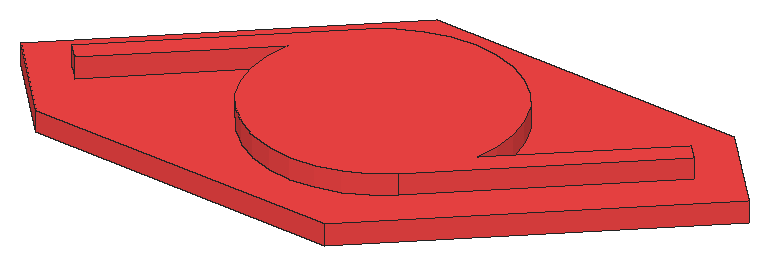
Revit family "Motor", category Electrical Equipment, Revit 2025
Family settings
  Panel Configuration = Two Columns, Circuits Across
  Round Connector Dimension = Use Diameter
  Part Type = Panelboard
  OmniClass Number = 23.80.30.11.17
  OmniClass Title = Distribution Boards and Control Panels
  Work Plane-Based = No
  Always vertical = Yes
  Cut with Voids When Loaded = No
  Maintain Annotation Orientation = No
  Shared = No
  Room Calculation Point = No
Parameters
  built-in parameter 1140142 [instance] = -1
  built-in parameter 1140140 [instance] = 1 (stored number, unit not read)
  built-in parameter 1155100 [instance] = -1
  Default Elevation = 0' - 0"
  Conveyor_Elevation_In [instance] = 2' - 6"
Reference planes (in)
  plane 1 "Center (Front/Back)": y = 0
  plane 2: z = 0
  plane 3 "Center (Left/Right)": x = 0
  plane 4: y = 2
  plane 5: y = -2
  plane 6: x = 3.9
  plane 7: x = -3.9
  plane 8 "Top_of_Roller": z = 30
  plane 9: z = 30.25
  plane 10: z = 30.5
Forms (in)
  Extrusion 1, solid, material "MOTOR"
    sketch origin (0, 0, 0) x (1, 0, 0) y (0, 1, 0)
      loop
        line (-0.9, 2) -> (-3.9, -1) -> (-2.9, -2) -> (0.85, -2) -> (3.9, 1.05) -> (2.95, 2) -> (-0.9, 2)
    from 30 to 30.25
  Extrusion 2, solid, material "MOTOR"
    sketch origin (0, 0, 0) x (1, 0, 0) y (0, 1, 0)
      loop
        line (1.06066, -1.06066) -> (3.18198, 1.06066) -> (3.0052, 1.23744) -> (1.47019, -0.29758)
        arc (1.47019, -0.29758) -> (0.70932, 1.32169) -> (-1.06066, 1.06066) r 1.5
        line (-1.06066, 1.06066) -> (-3.18198, -1.06066) -> (-3.0052, -1.23744) -> (-1.47019, 0.29758)
        arc (-1.47019, 0.29758) -> (-0.70932, -1.32169) -> (1.06066, -1.06066) r 1.5
    from 30.25 to 30.5
  Extrusion 3, solid, material "MOTOR", not visible
    sketch origin (0, 0, 0) x (1, 0, 0) y (0, 1, 0)
      loop
        line (-0.9, 2) -> (-3.9, -1) -> (-2.9, -2) -> (0.85, -2) -> (3.9, 1.05) -> (2.95, 2) -> (-0.9, 2)
    from 30 to 30.25
  Extrusion 4, solid, material "MOTOR", not visible
    sketch origin (0, 0, 0) x (1, 0, 0) y (0, 1, 0)
      loop
        line (1.06066, -1.06066) -> (3.18198, 1.06066) -> (3.0052, 1.23744) -> (1.47019, -0.29758)
        arc (1.47019, -0.29758) -> (0.70932, 1.32169) -> (-1.06066, 1.06066) r 1.5
        line (-1.06066, 1.06066) -> (-3.18198, -1.06066) -> (-3.0052, -1.23744) -> (-1.47019, 0.29758)
        arc (-1.47019, 0.29758) -> (-0.70932, -1.32169) -> (1.06066, -1.06066) r 1.5
    from 30.25 to 30.5
Dimensions and locks (in)
  equal spacing: plane 7, plane 3 "Center (Left/Right)", plane 6
  plane 7 to plane 6 = 0' - 7.8"
  equal spacing: plane 4, plane 1 "Center (Front/Back)", plane 5
  plane 4 to plane 5 = 0' - 4"
  "Conveyor_Elevation_In": plane 8 "Top_of_Roller" to level
  plane 9 to plane 8 "Top_of_Roller" = 0' - 0 1/4"
  plane 10 to plane 9 = 0' - 0 1/4"
  aligned and locked: level to plane 2
  aligned and locked: plane 9 to Extrusion 1
  aligned and locked: Extrusion 1 to plane 8 "Top_of_Roller"
  aligned and locked: plane 10 to Extrusion 2
  aligned and locked: Extrusion 2 to plane 9
Automatic sketch dimensions
  Extrusion 2 sketch curve to Extrusion 2 sketch curve = 0' - 0"  (x4)
  Extrusion 2 sketch curve to Extrusion 2 sketch curve = 0' - 0.17678"  (x4)
  Extrusion 1 sketch curve to Extrusion 1 sketch curve = 0' - 1"  (x2)
  Extrusion 1 sketch curve to Extrusion 1 sketch curve = 0' - 3"
  Extrusion 1 sketch curve to Extrusion 1 sketch curve = 0' - 3 3/4"
  Extrusion 1 sketch curve to Extrusion 1 sketch curve = 0' - 3.85"
  Extrusion 1 sketch curve to Extrusion 1 sketch curve = 0' - 0.95"
  Extrusion 2 sketch curve to Extrusion 2 sketch curve = 0' - 1.53502"  (x2)
  Extrusion 2 sketch curve to Extrusion 2 sketch curve = 0' - 0.40953"  (x2)
  Extrusion 2 sketch curve to Extrusion 2 sketch curve = 0' - 1.06066"  (x2)
  Extrusion 4 sketch curve to Extrusion 4 sketch curve = 0' - 0"  (x4)
  Extrusion 4 sketch curve to Extrusion 4 sketch curve = 0' - 0.17678"  (x4)
  Extrusion 3 sketch curve to Extrusion 3 sketch curve = 0' - 1"  (x2)
  Extrusion 3 sketch curve to Extrusion 3 sketch curve = 0' - 3"
  Extrusion 3 sketch curve to Extrusion 3 sketch curve = 0' - 3 3/4"
  Extrusion 3 sketch curve to Extrusion 3 sketch curve = 0' - 3.85"
  Extrusion 3 sketch curve to Extrusion 3 sketch curve = 0' - 0.95"
  Extrusion 4 sketch curve to Extrusion 4 sketch curve = 0' - 1.53502"  (x2)
  Extrusion 4 sketch curve to Extrusion 4 sketch curve = 0' - 0.40953"  (x2)
  Extrusion 4 sketch curve to Extrusion 4 sketch curve = 0' - 1.06066"  (x2)
